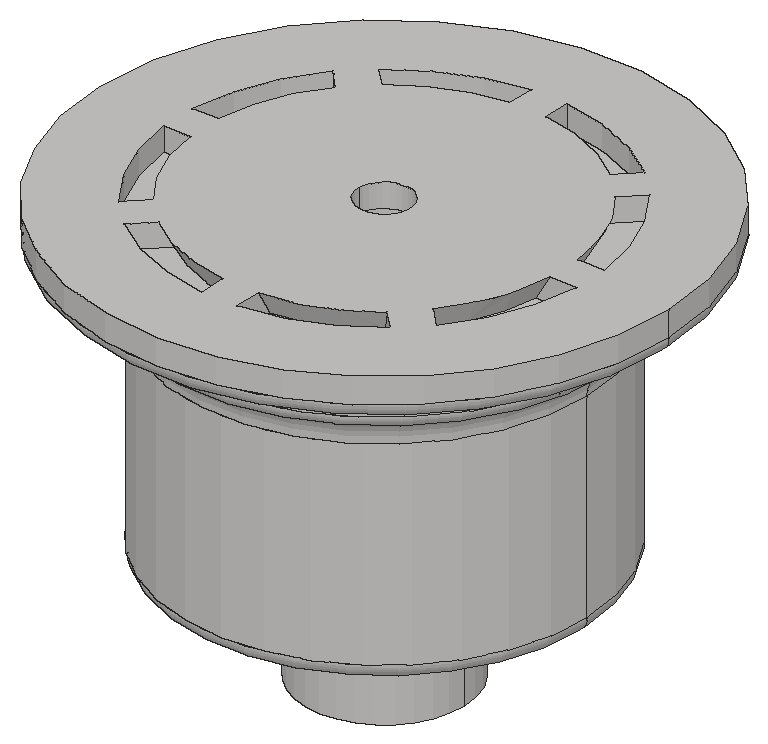
Revit family
Parameters (values of type "9614-RF-2"")
  Width = 8"
  Waste Connection Radius = 1"
  Waste Connection Diameter = Waste Connection Radius * 2  # 2"
  Waste Connection = yes
  Vent Connection = no
  URL = "www.jrsmith.com"
  Price = "Prices may vary. Please consult Manufacturer Representative for most up-to-date price list."  # constant formula
  Phone Number = "416-250-5656"  # constant formula
  Omniclass Table 23 Title = "Waste Water Drains"  # constant formula
  Omniclass Table 23 Code = "23.70.50.21.24"  # constant formula
  Model = "9614-RF-2\""
  Material = Metal-Jay R Smith-Stainless Steel
  Masterformat Title = "Sanitary Drains"  # constant formula
  Masterformat Number = "22 13 19.13"  # constant formula
  Manufacturer = "Jay R. Smith"
  Length = Width  # 8"
  Height = 6"
  HW Connection = no
  Description = "8\" Round top special purpose floor drain with heavy duty rim flow grate."
  Default Elevation = 0"
  Creation Date = "27/10/2014"  # constant formula
  Created By = "Allied Technical Services"  # constant formula
  CW Connection = no
  Assembly Code = "D2030300"
  ATS URL = "http://www.atsspec.net"
Types (4): name | Waste Connection Radius | Waste Connection Diameter | Model
  (no name) | 1" | 2" | "9614-RF-2\""
  9614-RF-2" | 1" | 2" | "9614-RF-2\""
  9614-RF-3" | 1 1/2" | 3" | "9614-RF-3\""
  9614-RF-4" | 2" | 4" | "9614-RF-4\""
Reference planes (in)
  plane 1 "Center (Front/Back)": y = 0
  plane 2: z = 0
  plane 3 "Center (Left/Right)": x = 0
  plane 4: x = -4
  plane 5: x = 4
  plane 6: z = 6
  plane 7: z = 1.5
  plane 8: x = -1
  plane 9: x = 1
Forms (in)
  Revolve 1, solid, material "Metal-Jay R Smith-Stainless Steel" <- "Material"
    sketch origin (0, 0, 0) x (1, 0, 0) y (0, 0, 1)
      loop
        line (-4, 6) -> (-4, 5.64194)
        arc (-4, 5.64194) -> (-3.93828, 5.49293) -> (-3.78926, 5.4312) r 0.21074
        line (-3.78926, 5.4312) -> (-3.26404, 5.4312) -> (-3.26404, 5.07734)
        arc (-3.26404, 5.07734) -> (-3.22877, 4.96877) -> (-3.13643, 4.90164) r 0.18476
        arc (-3.13643, 4.90164) -> (-2.93022, 4.75175) -> (-2.85146, 4.50929) r 0.41258
        line (-2.85146, 4.50929) -> (-2.85146, 1.71875)
        arc (-2.85146, 1.71875) -> (-2.78739, 1.56407) -> (-2.63271, 1.5) r 0.21875
        line (-2.63271, 1.5) -> (-1.125, 1.5) -> (-1.125, 0) -> (-1, 0) -> (-1, 5.66937) -> (-0.3652, 5.66937) -> (-0.3652, 6) -> (-2.5352, 6) -> (-2.34432, 5.66937) -> (-2.9102, 5.66937) -> (-2.9102, 6) -> (-4, 6)
      axis (0, 6) -> (0, 0)
    angle from 0 to 360
  Extrusion 2, solid, material "Metal-Jay R Smith-Stainless Steel" <- "Material"
    sketch origin (0, 0, 0) x (1, 0, 0) y (0, 1, 0)
      loop
        line (-0.25, 2.1161) -> (0.25, 2.1161) -> (0.25, 2.90928)
        arc (0.25, 2.90928) -> (0, 2.92) -> (-0.25, 2.90928) r 2.92
        line (-0.25, 2.90928) -> (-0.25, 2.1161)
      loop
        line (-1.67308, 1.31953) -> (-1.31953, 1.67308) -> (-1.88039, 2.23395)
        arc (-1.88039, 2.23395) -> (-2.06475, 2.06475) -> (-2.23395, 1.88039) r 2.92
        line (-2.23395, 1.88039) -> (-1.67308, 1.31953)
      loop
        line (1.67308, 1.31953) -> (2.23395, 1.88039)
        arc (2.23395, 1.88039) -> (2.06475, 2.06475) -> (1.88039, 2.23395) r 2.92
        line (1.88039, 2.23395) -> (1.31953, 1.67308) -> (1.67308, 1.31953)
      loop
        line (-2.1161, -0.25) -> (-2.1161, 0.25) -> (-2.90928, 0.25)
        arc (-2.90928, 0.25) -> (-2.92, 0) -> (-2.90928, -0.25) r 2.92
        line (-2.90928, -0.25) -> (-2.1161, -0.25)
      loop
        line (2.1161, -0.25) -> (2.90928, -0.25)
        arc (2.90928, -0.25) -> (2.92, 0) -> (2.90928, 0.25) r 2.92
        line (2.90928, 0.25) -> (2.1161, 0.25) -> (2.1161, -0.25)
      loop
        line (-0.25, -2.1161) -> (-0.25, -2.90928)
        arc (-0.25, -2.90928) -> (0, -2.92) -> (0.25, -2.90928) r 2.92
        line (0.25, -2.90928) -> (0.25, -2.1161) -> (-0.25, -2.1161)
      loop
        line (-1.67308, -1.31953) -> (-2.23395, -1.88039)
        arc (-2.23395, -1.88039) -> (-2.06475, -2.06475) -> (-1.88039, -2.23395) r 2.92
        line (-1.88039, -2.23395) -> (-1.31953, -1.67308) -> (-1.67308, -1.31953)
      loop
        line (1.67308, -1.31953) -> (1.31953, -1.67308) -> (1.88039, -2.23395)
        arc (1.88039, -2.23395) -> (2.06475, -2.06475) -> (2.23395, -1.88039) r 2.92
        line (2.23395, -1.88039) -> (1.67308, -1.31953)
    from 5.66937 to 6
Cuts and joins
  joined: Revolve 1, Extrusion 2
Dimensions and locks (in)
  "Height": plane 6 to plane 2
  "Waste Connection Diameter": plane 9 to plane 8
  "Width": plane 5 to plane 4
  plane 7 to level = 1 1/2"
  equal spacing: plane 9, plane 3 "Center (Left/Right)", plane 8
  equal spacing: plane 5, plane 3 "Center (Left/Right)", plane 4
  locked: plane 8 to Revolve 1 sketch curve at 0.125
  locked: Revolve 1 sketch curve to plane 4 at 1.0898
  locked: Revolve 1 sketch curve to plane 4 at 1.65568
  locked: Revolve 1 sketch curve to plane 6 (angle 60.00°)
  aligned and locked: plane 8 to Revolve 1 sketch curve
Automatic sketch dimensions
  Extrusion 2 sketch curve to Extrusion 2 sketch curve = 0"  (x58)
  plane 5 to Extrusion 2 sketch curve = 6.90928"
  Extrusion 2 sketch curve to Extrusion 2 sketch curve = 0.67533"  (x2)
  Extrusion 2 sketch curve to Extrusion 2 sketch curve = 0.79318"  (x4)
  Extrusion 2 sketch curve to Extrusion 2 sketch curve = 0.35355"  (x8)
  Extrusion 2 sketch curve to Extrusion 2 sketch curve = 0.56086"  (x4)
  Extrusion 2 sketch curve to Extrusion 2 sketch curve = 1.06953"  (x8)
  Extrusion 2 sketch curve to Extrusion 2 sketch curve = 1.67308"
  Extrusion 2 sketch curve to Extrusion 2 sketch curve = 1/2"  (x2)
  Extrusion 2 sketch curve to Extrusion 2 sketch curve = 0.44301"  (x3)
  Extrusion 2 sketch curve to plane 1 "Center (Front/Back)" = 1.88039"
  Extrusion 2 sketch curve to Extrusion 2 sketch curve = 0.20731"  (x2)
  Revolve 1 sketch curve to plane 4 = 0"
  Revolve 1 sketch curve to plane 6 = 0"  (x2)
  Revolve 1 sketch curve to plane 7 = 0"
  Revolve 1 sketch curve to plane 3 "Center (Left/Right)" = 0"
  Revolve 1 sketch curve to level = 0"
  plane 4 to Revolve 1 sketch curve = 0.21074"
  Revolve 1 sketch curve to Revolve 1 sketch curve = 0.52522"
  Revolve 1 sketch curve to Revolve 1 sketch curve = 0"
  Revolve 1 sketch curve to Revolve 1 sketch curve = 0.18476"
  Revolve 1 sketch curve to Revolve 1 sketch curve = 7/32"
  Revolve 1 sketch curve to plane 3 "Center (Left/Right)" = 0.3652"
  Revolve 1 sketch curve to level = 2 1/2"
  Revolve 1 sketch curve to Revolve 1 sketch curve = 0.64812"
  Revolve 1 sketch curve to plane 6 = 1.49071"
  Revolve 1 sketch curve to Revolve 1 sketch curve = 0.35386"
  Revolve 1 sketch curve to plane 6 = 0.33063"  (x2)
  plane 4 to Revolve 1 sketch curve = 0.73596"
  Revolve 1 sketch curve to Revolve 1 sketch curve = 0.05715"
Connectors (in)
  piping at (0, 0, 0), driven by "Waste Connection Radius"
    settings: on cut or joined group of Revolve 1, Extrusion 2, index 1
